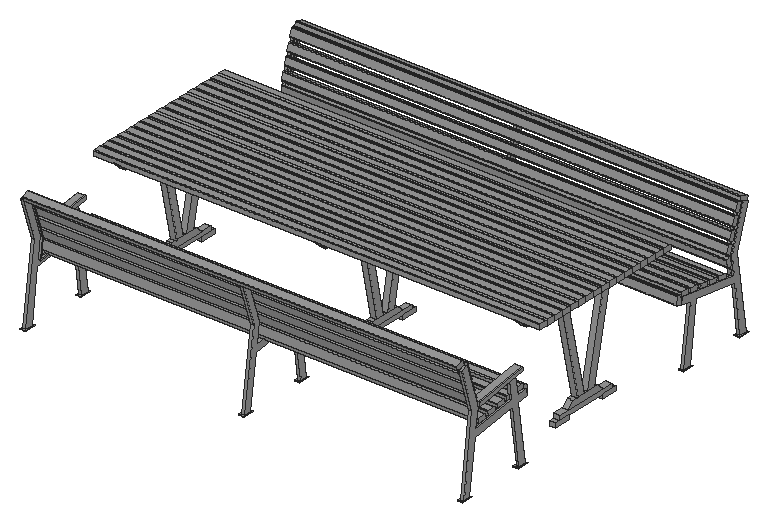
Revit family "6680 Комплект дачной мебели «Модерн» Хоббика", category Антураж, Revit 2018
Family settings
  На основе рабочей плоскости = Нет
  Всегда вертикально = Да
  При загрузке вырезать с полостями = Нет
  Источник визуального образа = Геометрия семейства
  Общий = Нет
  Точка расчета площади = Нет
Parameters (values of type "Версия 3,0 м")
  Ширина стола = 1100 mm  # constant formula
  Ширина скамейки = 600 mm  # constant formula
  Цвет отделки = Дерево
  Цвет опор = Сталь
  Описание = if([Версия 2,0 м], "Комплект дачной мебели «Модерн». Версия 2,0 м", "Комплект дачной мебели «Модерн». Версия 3,0 м")  # "Комплект дачной мебели «Модерн». Версия 3,0 м"
  Материал изделия = "Сталь, дерево"  # constant formula
  Изображение типоразмера = Комплект дачной мебели «Модерн» Арт 6680.jpg
  Изготовитель = "ООО «Хоббика»"  # constant formula
  Длина = if([Версия 2,0 м], 2000 mm, 3000 mm)  # 3000 mm
  Группа модели = "Комплекты садовой мебели"  # constant formula
  Высота стола = 800 mm  # constant formula
  Высота скамейки = 840 mm  # constant formula
  Высота = 0 mm
  Версия 3,0 м = not([Версия 2,0 м])  # yes
  Версия 2,0 м = no
  Артикул товара = "Арт. 6680"  # constant formula
  URL = "https://hobbyka.ru/product/komplekt_dachnoi_mebeli_modern"
Types (3, lengths in mm): name | Описание | Длина | Версия 3,0 м | Версия 2,0 м
  (no name) | "Комплект дачной мебели «Модерн». Версия 3,0 м" | 3000 | yes | no
  Версия 2,0 м | "Комплект дачной мебели «Модерн». Версия 2,0 м" | 2000 | no | yes
  Версия 3,0 м | "Комплект дачной мебели «Модерн». Версия 3,0 м" | 3000 | yes | no
Reference planes
  plane 1 "По центру (Вперед/Назад)": y = 0
  plane 2: z = 0
  plane 3 "По центру (Влево/Вправо)": x = 0
  plane 4: y = 2400
  plane 5: x = 3000
  plane 6: z = 800
Forms (mm)
  Extrusion 1, solid, material "Дерево" <- "Цвет отделки"
    sketch origin (0, 0, 0) x (0, 1, 0) y (0, 0, 1)
      loop
        line (1698.85, 800) -> (1694.2, 795.35) -> (1694.2, 765) -> (1750, 765) -> (1750, 795.35) -> (1745.35, 800) -> (1698.85, 800)
    from 0 to 3000
  Extrusion 2, solid, material "Дерево" <- "Цвет отделки"
    sketch origin (0, -1044.2, 0) x (0, 1, 0) y (0, 0, 1)
      loop
        line (1698.85, 800) -> (1694.2, 795.35) -> (1694.2, 765) -> (1750, 765) -> (1750, 795.35) -> (1745.35, 800) -> (1698.85, 800)
    from 0 to 3000
  Extrusion 3, solid, material "Дерево" <- "Цвет отделки"
    sketch origin (0, -65.263, 0) x (0, 1, 0) y (0, 0, 1)
      loop
        line (1698.85, 800) -> (1694.2, 795.35) -> (1694.2, 765) -> (1750, 765) -> (1750, 795.35) -> (1745.35, 800) -> (1698.85, 800)
    from 0 to 3000
  Extrusion 4, solid, material "Дерево" <- "Цвет отделки"
    sketch origin (0, -130.525, 0) x (0, 1, 0) y (0, 0, 1)
      loop
        line (1698.85, 800) -> (1694.2, 795.35) -> (1694.2, 765) -> (1750, 765) -> (1750, 795.35) -> (1745.35, 800) -> (1698.85, 800)
    from 0 to 3000
  Extrusion 5, solid, material "Дерево" <- "Цвет отделки"
    sketch origin (0, -195.788, 0) x (0, 1, 0) y (0, 0, 1)
      loop
        line (1698.85, 800) -> (1694.2, 795.35) -> (1694.2, 765) -> (1750, 765) -> (1750, 795.35) -> (1745.35, 800) -> (1698.85, 800)
    from 0 to 3000
  Extrusion 6, solid, material "Дерево" <- "Цвет отделки"
    sketch origin (0, -261.05, 0) x (0, 1, 0) y (0, 0, 1)
      loop
        line (1698.85, 800) -> (1694.2, 795.35) -> (1694.2, 765) -> (1750, 765) -> (1750, 795.35) -> (1745.35, 800) -> (1698.85, 800)
    from 0 to 3000
  Extrusion 7, solid, material "Дерево" <- "Цвет отделки"
    sketch origin (0, -326.313, 0) x (0, 1, 0) y (0, 0, 1)
      loop
        line (1698.85, 800) -> (1694.2, 795.35) -> (1694.2, 765) -> (1750, 765) -> (1750, 795.35) -> (1745.35, 800) -> (1698.85, 800)
    from 0 to 3000
  Extrusion 8, solid, material "Дерево" <- "Цвет отделки"
    sketch origin (0, -391.575, 0) x (0, 1, 0) y (0, 0, 1)
      loop
        line (1698.85, 800) -> (1694.2, 795.35) -> (1694.2, 765) -> (1750, 765) -> (1750, 795.35) -> (1745.35, 800) -> (1698.85, 800)
    from 0 to 3000
  Extrusion 9, solid, material "Дерево" <- "Цвет отделки"
    sketch origin (0, -456.838, 0) x (0, 1, 0) y (0, 0, 1)
      loop
        line (1698.85, 800) -> (1694.2, 795.35) -> (1694.2, 765) -> (1750, 765) -> (1750, 795.35) -> (1745.35, 800) -> (1698.85, 800)
    from 0 to 3000
  Extrusion 10, solid, material "Дерево" <- "Цвет отделки"
    sketch origin (0, -522.1, 0) x (0, 1, 0) y (0, 0, 1)
      loop
        line (1698.85, 800) -> (1694.2, 795.35) -> (1694.2, 765) -> (1750, 765) -> (1750, 795.35) -> (1745.35, 800) -> (1698.85, 800)
    from 0 to 3000
  Extrusion 11, solid, material "Дерево" <- "Цвет отделки"
    sketch origin (0, -587.363, 0) x (0, 1, 0) y (0, 0, 1)
      loop
        line (1698.85, 800) -> (1694.2, 795.35) -> (1694.2, 765) -> (1750, 765) -> (1750, 795.35) -> (1745.35, 800) -> (1698.85, 800)
    from 0 to 3000
  Extrusion 12, solid, material "Дерево" <- "Цвет отделки"
    sketch origin (0, -652.625, 0) x (0, 1, 0) y (0, 0, 1)
      loop
        line (1698.85, 800) -> (1694.2, 795.35) -> (1694.2, 765) -> (1750, 765) -> (1750, 795.35) -> (1745.35, 800) -> (1698.85, 800)
    from 0 to 3000
  Extrusion 13, solid, material "Дерево" <- "Цвет отделки"
    sketch origin (0, -717.888, 0) x (0, 1, 0) y (0, 0, 1)
      loop
        line (1698.85, 800) -> (1694.2, 795.35) -> (1694.2, 765) -> (1750, 765) -> (1750, 795.35) -> (1745.35, 800) -> (1698.85, 800)
    from 0 to 3000
  Extrusion 14, solid, material "Дерево" <- "Цвет отделки"
    sketch origin (0, -783.15, 0) x (0, 1, 0) y (0, 0, 1)
      loop
        line (1698.85, 800) -> (1694.2, 795.35) -> (1694.2, 765) -> (1750, 765) -> (1750, 795.35) -> (1745.35, 800) -> (1698.85, 800)
    from 0 to 3000
  Extrusion 15, solid, material "Дерево" <- "Цвет отделки"
    sketch origin (0, -848.413, 0) x (0, 1, 0) y (0, 0, 1)
      loop
        line (1698.85, 800) -> (1694.2, 795.35) -> (1694.2, 765) -> (1750, 765) -> (1750, 795.35) -> (1745.35, 800) -> (1698.85, 800)
    from 0 to 3000
  Extrusion 16, solid, material "Дерево" <- "Цвет отделки"
    sketch origin (0, -913.675, 0) x (0, 1, 0) y (0, 0, 1)
      loop
        line (1698.85, 800) -> (1694.2, 795.35) -> (1694.2, 765) -> (1750, 765) -> (1750, 795.35) -> (1745.35, 800) -> (1698.85, 800)
    from 0 to 3000
  Extrusion 17, solid, material "Дерево" <- "Цвет отделки"
    sketch origin (0, -978.938, 0) x (0, 1, 0) y (0, 0, 1)
      loop
        line (1698.85, 800) -> (1694.2, 795.35) -> (1694.2, 765) -> (1750, 765) -> (1750, 795.35) -> (1745.35, 800) -> (1698.85, 800)
    from 0 to 3000
Lines and regions (mm)
  symbolic lines
    curve 1: line (0, 1750, 765) -> (0, 1750, 1265)
    curve 2: line (0, 650, 765) -> (0, 650, 1285)
Dimensions and locks
  "Длина": plane 3 "По центру (Влево/Вправо)" to plane 5
  plane 4 to plane 1 "По центру (Вперед/Назад)" = 2400 mm
  locked: plane 3 "По центру (Влево/Вправо)" to nested 2 at 150
  locked: nested 3 to plane 5 at 150
  equal spacing: plane 3 "По центру (Влево/Вправо)", nested 4, plane 5
  "Высота стола": plane 6 to level
  aligned and locked: level to plane 2
  aligned and locked: plane 5 to nested 1
  aligned and locked: plane 4 to nested 1
  aligned and locked: Extrusion 1 to plane 3 "По центру (Влево/Вправо)"
  aligned and locked: plane 5 to Extrusion 1
  aligned and locked: plane 5 to Extrusion 3
  aligned and locked: plane 5 to Extrusion 4
  aligned and locked: plane 5 to Extrusion 5
  aligned and locked: plane 5 to Extrusion 6
  aligned and locked: plane 5 to Extrusion 7
  aligned and locked: plane 5 to Extrusion 8
  aligned and locked: plane 5 to Extrusion 9
  aligned and locked: plane 5 to Extrusion 10
  aligned and locked: plane 5 to Extrusion 11
  aligned and locked: plane 5 to Extrusion 12
  aligned and locked: plane 5 to Extrusion 13
  aligned and locked: plane 5 to Extrusion 14
  aligned and locked: plane 5 to Extrusion 15
  aligned and locked: plane 5 to Extrusion 16
  aligned and locked: plane 5 to Extrusion 17
  aligned and locked: plane 5 to Extrusion 2
  aligned and locked: nested 5 to plane 1 "По центру (Вперед/Назад)"
  aligned and locked: nested 5 to plane 5
Automatic sketch dimensions
  Extrusion 1 sketch curve to Extrusion 1 sketch curve = 0 mm
  Extrusion 1 sketch curve to Extrusion 1 sketch curve = 4.65 mm  (x5)
  Extrusion 1 sketch curve to Extrusion 1 sketch curve = 46.5 mm
  Extrusion 1 sketch curve to Extrusion 1 sketch curve = 30.35 mm  (x2)
  curve 2 to plane 6 = 35 mm
  curve 2 to plane 1 "По центру (Вперед/Назад)" = 650 mm
  curve 1 to plane 4 = 650 mm
  curve 1 to plane 6 = 35 mm
  plane 6 to curve 1 = 465 mm
  plane 6 to curve 2 = 485 mm
  Extrusion 2 sketch curve to Extrusion 2 sketch curve = 0 mm
  Extrusion 2 sketch curve to Extrusion 2 sketch curve = 4.65 mm  (x5)
  Extrusion 2 sketch curve to Extrusion 2 sketch curve = 46.5 mm
  Extrusion 2 sketch curve to Extrusion 2 sketch curve = 30.35 mm  (x2)
  Extrusion 3 sketch curve to Extrusion 3 sketch curve = 0 mm
  Extrusion 3 sketch curve to Extrusion 3 sketch curve = 4.65 mm  (x5)
  Extrusion 3 sketch curve to Extrusion 3 sketch curve = 46.5 mm
  Extrusion 3 sketch curve to Extrusion 3 sketch curve = 30.35 mm  (x2)
  Extrusion 4 sketch curve to Extrusion 4 sketch curve = 0 mm
  Extrusion 4 sketch curve to Extrusion 4 sketch curve = 4.65 mm  (x5)
  Extrusion 4 sketch curve to Extrusion 4 sketch curve = 46.5 mm
  Extrusion 4 sketch curve to Extrusion 4 sketch curve = 30.35 mm  (x2)
  Extrusion 5 sketch curve to Extrusion 5 sketch curve = 0 mm
  Extrusion 5 sketch curve to Extrusion 5 sketch curve = 4.65 mm  (x5)
  Extrusion 5 sketch curve to Extrusion 5 sketch curve = 46.5 mm
  Extrusion 5 sketch curve to Extrusion 5 sketch curve = 30.35 mm  (x2)
  Extrusion 6 sketch curve to Extrusion 6 sketch curve = 0 mm
  Extrusion 6 sketch curve to Extrusion 6 sketch curve = 4.65 mm  (x5)
  Extrusion 6 sketch curve to Extrusion 6 sketch curve = 46.5 mm
  Extrusion 6 sketch curve to Extrusion 6 sketch curve = 30.35 mm  (x2)
  Extrusion 7 sketch curve to Extrusion 7 sketch curve = 0 mm
  Extrusion 7 sketch curve to Extrusion 7 sketch curve = 4.65 mm  (x5)
  Extrusion 7 sketch curve to Extrusion 7 sketch curve = 46.5 mm
  Extrusion 7 sketch curve to Extrusion 7 sketch curve = 30.35 mm  (x2)
  Extrusion 8 sketch curve to Extrusion 8 sketch curve = 0 mm
  Extrusion 8 sketch curve to Extrusion 8 sketch curve = 4.65 mm  (x5)
  Extrusion 8 sketch curve to Extrusion 8 sketch curve = 46.5 mm
  Extrusion 8 sketch curve to Extrusion 8 sketch curve = 30.35 mm  (x2)
  Extrusion 9 sketch curve to Extrusion 9 sketch curve = 0 mm
  Extrusion 9 sketch curve to Extrusion 9 sketch curve = 4.65 mm  (x5)
  Extrusion 9 sketch curve to Extrusion 9 sketch curve = 46.5 mm
  Extrusion 9 sketch curve to Extrusion 9 sketch curve = 30.35 mm  (x2)
  Extrusion 10 sketch curve to Extrusion 10 sketch curve = 0 mm
  Extrusion 10 sketch curve to Extrusion 10 sketch curve = 4.65 mm  (x5)
  Extrusion 10 sketch curve to Extrusion 10 sketch curve = 46.5 mm
  Extrusion 10 sketch curve to Extrusion 10 sketch curve = 30.35 mm  (x2)
  Extrusion 11 sketch curve to Extrusion 11 sketch curve = 0 mm
  Extrusion 11 sketch curve to Extrusion 11 sketch curve = 4.65 mm  (x5)
  Extrusion 11 sketch curve to Extrusion 11 sketch curve = 46.5 mm
  Extrusion 11 sketch curve to Extrusion 11 sketch curve = 30.35 mm  (x2)
  Extrusion 12 sketch curve to Extrusion 12 sketch curve = 0 mm
  Extrusion 12 sketch curve to Extrusion 12 sketch curve = 4.65 mm  (x5)
  Extrusion 12 sketch curve to Extrusion 12 sketch curve = 46.5 mm
  Extrusion 12 sketch curve to Extrusion 12 sketch curve = 30.35 mm  (x2)
  Extrusion 13 sketch curve to Extrusion 13 sketch curve = 0 mm
  Extrusion 13 sketch curve to Extrusion 13 sketch curve = 4.65 mm  (x5)
  Extrusion 13 sketch curve to Extrusion 13 sketch curve = 46.5 mm
  Extrusion 13 sketch curve to Extrusion 13 sketch curve = 30.35 mm  (x2)
  Extrusion 14 sketch curve to Extrusion 14 sketch curve = 0 mm
  Extrusion 14 sketch curve to Extrusion 14 sketch curve = 4.65 mm  (x5)
  Extrusion 14 sketch curve to Extrusion 14 sketch curve = 46.5 mm
  Extrusion 14 sketch curve to Extrusion 14 sketch curve = 30.35 mm  (x2)
  Extrusion 15 sketch curve to Extrusion 15 sketch curve = 0 mm
  Extrusion 15 sketch curve to Extrusion 15 sketch curve = 4.65 mm  (x5)
  Extrusion 15 sketch curve to Extrusion 15 sketch curve = 46.5 mm
  Extrusion 15 sketch curve to Extrusion 15 sketch curve = 30.35 mm  (x2)
  Extrusion 16 sketch curve to Extrusion 16 sketch curve = 0 mm
  Extrusion 16 sketch curve to Extrusion 16 sketch curve = 4.65 mm  (x5)
  Extrusion 16 sketch curve to Extrusion 16 sketch curve = 46.5 mm
  Extrusion 16 sketch curve to Extrusion 16 sketch curve = 30.35 mm  (x2)
  Extrusion 17 sketch curve to Extrusion 17 sketch curve = 0 mm
  Extrusion 17 sketch curve to Extrusion 17 sketch curve = 4.65 mm  (x5)
  Extrusion 17 sketch curve to Extrusion 17 sketch curve = 46.5 mm
  Extrusion 17 sketch curve to Extrusion 17 sketch curve = 30.35 mm  (x2)
  Extrusion 1 sketch curve to plane 6 = 35 mm
  Extrusion 1 sketch curve to plane 4 = 705.8 mm
  Extrusion 2 sketch curve to plane 6 = 35 mm
  Extrusion 2 sketch curve to plane 1 "По центру (Вперед/Назад)" = 650 mm
  Extrusion 3 sketch curve to plane 6 = 35 mm
  Extrusion 3 sketch curve to plane 4 = 771.063 mm
  Extrusion 4 sketch curve to plane 6 = 35 mm
  Extrusion 4 sketch curve to plane 4 = 836.325 mm
  Extrusion 5 sketch curve to plane 6 = 35 mm
  Extrusion 5 sketch curve to plane 4 = 901.588 mm
  Extrusion 6 sketch curve to plane 6 = 35 mm
  Extrusion 6 sketch curve to plane 4 = 966.85 mm
  Extrusion 7 sketch curve to plane 6 = 35 mm
  Extrusion 7 sketch curve to plane 4 = 1032.113 mm
  Extrusion 8 sketch curve to plane 6 = 35 mm
  Extrusion 8 sketch curve to plane 4 = 1097.375 mm
  Extrusion 9 sketch curve to plane 6 = 35 mm
  Extrusion 9 sketch curve to plane 4 = 1162.638 mm
  Extrusion 10 sketch curve to plane 6 = 35 mm
  Extrusion 10 sketch curve to plane 1 "По центру (Вперед/Назад)" = 1172.1 mm
  Extrusion 11 sketch curve to plane 6 = 35 mm
  Extrusion 11 sketch curve to plane 1 "По центру (Вперед/Назад)" = 1106.837 mm
  Extrusion 12 sketch curve to plane 6 = 35 mm
  Extrusion 12 sketch curve to plane 1 "По центру (Вперед/Назад)" = 1041.575 mm
  Extrusion 13 sketch curve to plane 6 = 35 mm
  Extrusion 13 sketch curve to plane 1 "По центру (Вперед/Назад)" = 976.312 mm
  Extrusion 14 sketch curve to plane 6 = 35 mm
  Extrusion 14 sketch curve to plane 1 "По центру (Вперед/Назад)" = 911.05 mm
  Extrusion 15 sketch curve to plane 6 = 35 mm
  Extrusion 15 sketch curve to plane 1 "По центру (Вперед/Назад)" = 845.787 mm
  Extrusion 16 sketch curve to plane 6 = 35 mm
  Extrusion 16 sketch curve to plane 1 "По центру (Вперед/Назад)" = 780.525 mm
  Extrusion 17 sketch curve to plane 6 = 35 mm
  Extrusion 17 sketch curve to plane 1 "По центру (Вперед/Назад)" = 715.262 mm
Nested families
  nested 1: "Комплект дачной мебели «Модерн» лавка без подлокотников" at (0, 1800, 0), type "Лавка"
    with Длина 3000 mm
  nested 2: "Стол модерн опора 1100 мм" at (150, 650, 0), type "Стол модерн опора 1100 мм"
  nested 3: "Стол модерн опора 1100 мм" at (2850, 650, 0), type "Стол модерн опора 1100 мм"
  nested 4: "Стол модерн опора 1100 мм" at (1500, 650, 0), type "Стол модерн опора 1100 мм"
  nested 5: "Комплект дачной мебели «Модерн» лавка с подлокотниками" at (3000, 603.908, 0) x (-1, 0, 0) z (0, 0, 1), type "Комплект дачной мебели «Модерн» лавка с подлокотниками"
    with Длина досок 2924 mm, Длина 3000 mm
Definition of nested family "Комплект дачной мебели «Модерн» лавка без подлокотников"
  Parameters (values of type "Лавка")
    Ширина = 600 mm  # constant formula
    Цвет сидения = none
    Цвет каркаса = none
    Description = ""
    Материал изделия = ""
    Type Image = (empty or 0)
    Manufacturer = ""
    Длина = 2000 mm
    Model = ""
    Height = 840 mm  # constant formula
    Артикул товара = ""
    URL = ""
  Reference planes
    plane 1 "По центру (Вперед/Назад)": y = 0
    plane 2: z = 0
    plane 3 "По центру (Влево/Вправо)": x = 0
    plane 4: x = 2000
    plane 5: y = 600
    plane 6: z = 840
  Dimensions and locks
    "Ширина": plane 5 to plane 1 "По центру (Вперед/Назад)"
    "Длина": plane 3 "По центру (Влево/Вправо)" to plane 4
    "Height": plane 6 to level
    equal spacing: plane 3 "По центру (Влево/Вправо)", nested 15, plane 4
    plane 6 to level = 840 mm
    aligned and locked: level to plane 2
    aligned and locked: nested 16 to nested 15
    aligned and locked: plane 4 to nested 2
    aligned and locked: plane 3 "По центру (Влево/Вправо)" to nested 7
    aligned and locked: nested 9 to nested 10
    aligned and locked: nested 8 to nested 10
    aligned and locked: nested 6 to nested 10
    aligned and locked: nested 5 to nested 10
    aligned and locked: nested 4 to nested 10
    aligned and locked: nested 11 to nested 7
    aligned and locked: nested 12 to nested 7
    aligned and locked: nested 13 to nested 7
    aligned and locked: nested 14 to nested 7
  Nested families
    nested 1: "Скамейка стальная «Модерн» опора без ручки" at (0, 40, 0), type "Скамейка стальная «Модерн» опора без ручки"
    nested 2: "Скамейка стальная «Модерн» опора без ручки" at (2000, 40, 0) x (-1, 0, 0) z (0, 0, 1), type "Скамейка стальная «Модерн» опора без ручки"
    nested 3: "Скамейка стальная «Модерн» доска" at (0, 37.295, 425.8) x (1, 0, 0) z (0, -0.9903, 0.1392), type "Скамейка стальная «Модерн» доска"
      with Длина доски 2000 mm
    nested 4: "Скамейка стальная «Модерн» доска" at (0, 384.531, 396.624) x (1, 0, 0) z (0, 0.1392, 0.9903), type "Скамейка стальная «Модерн» доска"
      with Длина доски 2000 mm
    nested 5: "Скамейка стальная «Модерн» доска" at (0, 457.027, 472.995) x (1, 0, 0) z (0, -0.9903, -0.1392), type "Скамейка стальная «Модерн» доска"
      with Длина доски 2000 mm
    nested 6: "Скамейка стальная «Модерн» доска" at (0, 459.462, 543.548) x (1, 0, 0) z (0, -0.9511, 0.309), type "Скамейка стальная «Модерн» доска"
      with Длина доски 2000 mm
    nested 7: "Скамейка стальная «Модерн» доска" at (0, 565.189, 795.707) x (1, 0, 0) z (0, 0.309, 0.9511), type "Скамейка стальная «Модерн» доска"
      with Длина доски 2000 mm
    nested 8: "Скамейка стальная «Модерн» доска" at (0, 484.184, 619.632) x (1, 0, 0) z (0, -0.9511, 0.309), type "Скамейка стальная «Модерн» доска"
      with Длина доски 2000 mm
    nested 9: "Скамейка стальная «Модерн» доска" at (0, 508.906, 695.717) x (1, 0, 0) z (0, -0.9511, 0.309), type "Скамейка стальная «Модерн» доска"
      with Длина доски 2000 mm
    nested 10: "Скамейка стальная «Модерн» доска" at (0, 533.627, 771.801) x (1, 0, 0) z (0, -0.9511, 0.309), type "Скамейка стальная «Модерн» доска"
      with Длина доски 2000 mm
    nested 11: "Скамейка стальная «Модерн» доска" at (0, 305.31, 407.758) x (1, 0, 0) z (0, 0.1392, 0.9903), type "Скамейка стальная «Модерн» доска"
      with Длина доски 2000 mm
    nested 12: "Скамейка стальная «Модерн» доска" at (0, 226.088, 418.892) x (1, 0, 0) z (0, 0.1392, 0.9903), type "Скамейка стальная «Модерн» доска"
      with Длина доски 2000 mm
    nested 13: "Скамейка стальная «Модерн» доска" at (0, 146.867, 430.026) x (1, 0, 0) z (0, 0.1392, 0.9903), type "Скамейка стальная «Модерн» доска"
      with Длина доски 2000 mm
    nested 14: "Скамейка стальная «Модерн» доска" at (0, 67.645, 441.161) x (1, 0, 0) z (0, 0.1392, 0.9903), type "Скамейка стальная «Модерн» доска"
      with Длина доски 2000 mm
    nested 15: "Скамейка стальная «Модерн» опора центральная" at (1000, 40, 0), type "Скамейка стальная «Модерн» опора центральная", not visible
    nested 16: "Скамейка стальная «Модерн» опора центральная" at (1000, 40, 0), type "Скамейка стальная «Модерн» опора центральная"
  Definition of nested family "Скамейка стальная «Модерн» опора без ручки"
    Parameters (values of type "Скамейка стальная «Модерн» опора без ручки")
      Цвет каркаса = none
      Height = 0 mm
    Reference planes
      plane 1 "По центру (Вперед/Назад)": y = 0
      plane 2: z = 0
      plane 3 "По центру (Влево/Вправо)": x = 0
    Forms (mm)
      Extrusion 1, solid, material <- "Цвет каркаса"
        sketch origin (0, 0, 0) x (0, 1, 0) y (0, 0, 1)
          loop
            line (13.235, 3) -> (58.678, 3) -> (112.2, 383.834) -> (435.953, 338.333) -> (483.081, 3) -> (528.523, 3) -> (456.849, 512.988) -> (546.464, 788.794) -> (503.666, 802.7) -> (410.841, 517.013) -> (429.438, 384.691) -> (0, 445.045) -> (-6.263, 400.483) -> (67.638, 390.096) -> (13.235, 3)
        from -10 to 10
      Extrusion 2, solid, material <- "Цвет каркаса"
        sketch origin (-308, 0, 0) x (1, 0, 0) y (0, 1, 0)
          loop
            line (326, 467.409) -> (326, 542.909) -> (290, 542.909) -> (290, 467.409) -> (326, 467.409)
          loop
            line (326, 75.5) -> (290, 75.5) -> (290, 0) -> (326, 0) -> (326, 75.5)
        from 0 to 3
      Extrusion 3, solid, material <- "Цвет каркаса"
        sketch origin (0, 0, 0) x (0, 1, 0) y (0, 0, 1)
          loop
            line (410.841, 517.013) -> (429.438, 384.691) -> (0, 445.045) -> (-6.263, 400.483) -> (-4.282, 400.204) -> (1.702, 442.786) -> (431.787, 382.341) -> (412.886, 516.834) -> (504.95, 800.18) -> (545.846, 786.892) -> (546.464, 788.794) -> (503.666, 802.7) -> (410.841, 517.013)
        from 10 to 30
    Dimensions and locks
      aligned and locked: level to plane 2
      aligned and locked: Extrusion 3 to Extrusion 1
  Definition of nested family "Скамейка стальная «Модерн» доска"
    Parameters (values of type "Скамейка стальная «Модерн» доска")
      Цвет сидения = none
      Default Elevation = 1219.2 mm
      Длина доски = 1300 mm
      Height = 0 mm
    Types (2): name
      Скамейка стальная «Модерн» доска
      Скамейка стальная «Модерн» доска поручень
    Reference planes
      plane 1 "По центру (Вперед/Назад)": y = 0
      plane 2: z = 0
      plane 3 "По центру (Влево/Вправо)": x = 0
      plane 4: x = 1300
    Forms (mm)
      Extrusion 1, solid, material <- "Цвет сидения"
        sketch origin (0, 336.473, -339.298) x (0, 0.987836, 0.155497) y (0, -0.155497, 0.987836)
          loop
            line (-307.181, 391.83) -> (-252.06, 383.153) -> (-248.445, 406.118) -> (-252.315, 411.435) -> (-298.25, 418.666) -> (-303.566, 414.795) -> (-307.181, 391.83)
        from 0 to 1300
    Dimensions and locks
      "Длина доски": plane 3 "По центру (Влево/Вправо)" to plane 4
      aligned and locked: level to plane 2
      aligned and locked: Extrusion 1 to plane 3 "По центру (Влево/Вправо)"
      aligned and locked: plane 4 to Extrusion 1
    Automatic sketch dimensions
      Extrusion 1 sketch curve to level = 0 mm  (x2)
      plane 1 "По центру (Вперед/Назад)" to Extrusion 1 sketch curve = 27.9 mm
      Extrusion 1 sketch curve to Extrusion 1 sketch curve = 3.615 mm
      Extrusion 1 sketch curve to Extrusion 1 sketch curve = 5.317 mm  (x2)
      Extrusion 1 sketch curve to Extrusion 1 sketch curve = 45.934 mm
      Extrusion 1 sketch curve to Extrusion 1 sketch curve = 0.255 mm
      Extrusion 1 sketch curve to Extrusion 1 sketch curve = 3.87 mm  (x2)
      Extrusion 1 sketch curve to Extrusion 1 sketch curve = 22.965 mm  (x2)
  Definition of nested family "Скамейка стальная «Модерн» опора центральная"
    Parameters (values of type "Скамейка стальная «Модерн» опора центральная")
      Цвет каркаса = none
      Height = 0 mm
    Reference planes
      plane 1 "По центру (Вперед/Назад)": y = 0
      plane 2: z = 0
      plane 3 "По центру (Влево/Вправо)": x = 0
    Forms (mm)
      Extrusion 1, solid, material <- "Цвет каркаса"
        sketch origin (0, 0, 0) x (0, 1, 0) y (0, 0, 1)
          loop
            line (13.235, 3) -> (58.678, 3) -> (112.2, 383.834) -> (435.953, 338.333) -> (483.081, 3) -> (528.523, 3) -> (456.849, 512.988) -> (546.464, 788.794) -> (503.666, 802.7) -> (410.841, 517.013) -> (429.438, 384.691) -> (0, 445.045) -> (-6.263, 400.483) -> (67.638, 390.096) -> (13.235, 3)
        from -10 to 10
      Extrusion 2, solid, material <- "Цвет каркаса"
        sketch origin (-308, 0, 0) x (1, 0, 0) y (0, 1, 0)
          loop
            line (326, 467.409) -> (326, 542.909) -> (290, 542.909) -> (290, 467.409) -> (326, 467.409)
          loop
            line (326, 75.5) -> (290, 75.5) -> (290, 0) -> (326, 0) -> (326, 75.5)
        from 0 to 3
    Dimensions and locks
      aligned and locked: level to plane 2
Definition of nested family "Стол модерн опора 1100 мм"
  Parameters (values of type "Стол модерн опора 1100 мм")
    Цвет опор = none
    Height = 0 mm
  Reference planes
    plane 1 "По центру (Вперед/Назад)": y = 0
    plane 2: z = 0
    plane 3 "По центру (Влево/Вправо)": x = 0
    plane 4: y = 1100
    plane 5: z = 800
  Forms (mm)
    Extrusion 1, solid, material <- "Цвет опор"
      sketch origin (0, 160, 0) x (0, 1, 0) y (0, 0, 1)
        loop
          line (940, 765) -> (-160, 765) -> (-110, 715) -> (890, 715) -> (940, 765)
        loop
          line (198.789, 665) -> (318.883, 100) -> (370, 100) -> (249.906, 665) -> (198.789, 665)
        loop
          line (581.211, 665) -> (530.094, 665) -> (410, 100) -> (461.117, 100) -> (581.211, 665)
        loop
          line (610, 60) -> (170, 60) -> (170, 30) -> (610, 30) -> (610, 60)
      from -20 to 20
    Extrusion 2, solid, material <- "Цвет опор"
      sketch origin (0, 160, 0) x (0, 1, 0) y (0, 0, 1)
        loop
          line (680, 715) -> (100, 715) -> (150, 665) -> (630, 665) -> (680, 715)
        loop
          line (535, 60) -> (495, 100) -> (285, 100) -> (245, 60) -> (535, 60)
        loop
          line (535, 30) -> (535, 0) -> (645, 0) -> (645, 30) -> (535, 30)
        loop
          line (245, 30) -> (135, 30) -> (135, 0) -> (245, 0) -> (245, 30)
      from 20 to -20
  Dimensions and locks
    plane 5 to level = 800 mm
    plane 4 to plane 1 "По центру (Вперед/Назад)" = 1100 mm
    aligned and locked: level to plane 2
Definition of nested family "Комплект дачной мебели «Модерн» лавка с подлокотниками"
  Parameters (values of type "Комплект дачной мебели «Модерн» лавка с подлокотниками")
    Ширина = 600 mm  # constant formula
    Цвет сидения = none
    Цвет каркаса = none
    Description = ""
    Материал изделия = ""
    Type Image = (empty or 0)
    Manufacturer = ""
    Длина досок = Длина - (38 mm * 2)  # 624 mm
    Длина = 700 mm
    Model = ""
    Height = 840 mm  # constant formula
    Артикул товара = ""
    URL = ""
  Reference planes
    plane 1 "По центру (Вперед/Назад)": y = 0
    plane 2: z = 0
    plane 3 "По центру (Влево/Вправо)": x = 0
    plane 4: x = 700
    plane 5: y = 600
    plane 6: z = 840
  Dimensions and locks
    "Ширина": plane 5 to plane 1 "По центру (Вперед/Назад)"
    "Длина": plane 3 "По центру (Влево/Вправо)" to plane 4
    "Height": plane 6 to level
    locked: plane 3 "По центру (Влево/Вправо)" to nested 1 at 27.9
    locked: plane 3 "По центру (Влево/Вправо)" to nested 2 at 27.9
    locked: nested 3 to plane 4 at 27.9
    locked: nested 4 to plane 4 at 27.9
    equal spacing: plane 3 "По центру (Влево/Вправо)", nested 17, plane 4
    plane 6 to level = 840 mm
    aligned and locked: level to plane 2
    aligned and locked: nested 1 to nested 9
    aligned and locked: nested 1 to nested 12
    aligned and locked: nested 1 to nested 11
    aligned and locked: nested 1 to nested 10
    aligned and locked: nested 1 to nested 8
    aligned and locked: nested 7 to nested 8
    aligned and locked: nested 6 to nested 8
    aligned and locked: nested 5 to nested 8
    aligned and locked: nested 6 to nested 7
    aligned and locked: nested 13 to nested 7
    aligned and locked: nested 14 to nested 7
    aligned and locked: nested 15 to nested 7
    aligned and locked: nested 16 to nested 7
    aligned and locked: nested 5 to nested 7
    aligned and locked: nested 18 to nested 17
  Nested families
    nested 1: "Скамейка стальная «Модерн» опора" at (27.9, 45, 0), type "Скамейка стальная «Модерн» опора"
    nested 2: "Скамейка стальная «Модерн» доска" at (27.9, 458.962, 526.62) x (0, -0.9903, 0.1392) z (0, 0.1392, 0.9903), type "Скамейка стальная «Модерн» доска поручень"
      with Длина доски 370 mm
    nested 3: "Скамейка стальная «Модерн» опора" at (672.1, 45, 0) x (-1, 0, 0) z (0, 0, 1), type "Скамейка стальная «Модерн» опора"
    nested 4: "Скамейка стальная «Модерн» доска" at (672.1, 458.962, 526.62) x (0, -0.9903, 0.1392) z (0, 0.1392, 0.9903), type "Скамейка стальная «Модерн» доска поручень"
      with Длина доски 370 mm
    nested 5: "Скамейка стальная «Модерн» доска" at (37.9, 42.295, 425.8) x (1, 0, 0) z (0, -0.9903, 0.1392), type "Скамейка стальная «Модерн» доска"
      with Длина доски 624 mm
    nested 6: "Скамейка стальная «Модерн» доска" at (37.9, 389.531, 396.624) x (1, 0, 0) z (0, 0.1392, 0.9903), type "Скамейка стальная «Модерн» доска"
      with Длина доски 624 mm
    nested 7: "Скамейка стальная «Модерн» доска" at (37.9, 462.027, 472.995) x (1, 0, 0) z (0, -0.9903, -0.1392), type "Скамейка стальная «Модерн» доска"
      with Длина доски 624 mm
    nested 8: "Скамейка стальная «Модерн» доска" at (37.9, 464.462, 543.548) x (1, 0, 0) z (0, -0.9511, 0.309), type "Скамейка стальная «Модерн» доска"
      with Длина доски 624 mm
    nested 9: "Скамейка стальная «Модерн» доска" at (37.9, 570.189, 795.707) x (1, 0, 0) z (0, 0.309, 0.9511), type "Скамейка стальная «Модерн» доска"
      with Длина доски 624 mm
    nested 10: "Скамейка стальная «Модерн» доска" at (37.9, 489.184, 619.632) x (1, 0, 0) z (0, -0.9511, 0.309), type "Скамейка стальная «Модерн» доска"
      with Длина доски 624 mm
    nested 11: "Скамейка стальная «Модерн» доска" at (37.9, 513.906, 695.717) x (1, 0, 0) z (0, -0.9511, 0.309), type "Скамейка стальная «Модерн» доска"
      with Длина доски 624 mm
    nested 12: "Скамейка стальная «Модерн» доска" at (37.9, 538.627, 771.801) x (1, 0, 0) z (0, -0.9511, 0.309), type "Скамейка стальная «Модерн» доска"
      with Длина доски 624 mm
    nested 13: "Скамейка стальная «Модерн» доска" at (37.9, 310.31, 407.758) x (1, 0, 0) z (0, 0.1392, 0.9903), type "Скамейка стальная «Модерн» доска"
      with Длина доски 624 mm
    nested 14: "Скамейка стальная «Модерн» доска" at (37.9, 231.088, 418.892) x (1, 0, 0) z (0, 0.1392, 0.9903), type "Скамейка стальная «Модерн» доска"
      with Длина доски 624 mm
    nested 15: "Скамейка стальная «Модерн» доска" at (37.9, 151.867, 430.026) x (1, 0, 0) z (0, 0.1392, 0.9903), type "Скамейка стальная «Модерн» доска"
      with Длина доски 624 mm
    nested 16: "Скамейка стальная «Модерн» доска" at (37.9, 72.645, 441.161) x (1, 0, 0) z (0, 0.1392, 0.9903), type "Скамейка стальная «Модерн» доска"
      with Длина доски 624 mm
    nested 17: "Скамейка стальная «Модерн» опора центральная" at (350, 45, 0), type "Скамейка стальная «Модерн» опора центральная", not visible
    nested 18: "Скамейка стальная «Модерн» опора центральная" at (350, 45, 0), type "Скамейка стальная «Модерн» опора центральная"
  Definition of nested family "Скамейка стальная «Модерн» опора"
    Parameters (values of type "Скамейка стальная «Модерн» опора")
      Цвет каркаса = none
      Height = 0 mm
    Reference planes
      plane 1 "По центру (Вперед/Назад)": y = 0
      plane 2: z = 0
      plane 3 "По центру (Влево/Вправо)": x = 0
    Forms (mm)
      Extrusion 1, solid, material <- "Цвет каркаса"
        sketch origin (0, 0, 0) x (0, 1, 0) y (0, 0, 1)
          loop
            line (13.235, 3) -> (58.678, 3) -> (112.2, 383.834) -> (435.953, 338.333) -> (483.081, 3) -> (528.523, 3) -> (456.849, 512.988) -> (546.464, 788.794) -> (503.666, 802.7) -> (410.841, 517.013) -> (429.438, 384.691) -> (118.463, 428.396) -> (137.724, 565.443) -> (93.162, 571.706) -> (73.901, 434.659) -> (0, 445.045) -> (-6.263, 400.483) -> (67.638, 390.096) -> (13.235, 3)
        from -10 to 10
      Extrusion 2, solid, material <- "Цвет каркаса"
        sketch origin (-308, 0, 0) x (1, 0, 0) y (0, 1, 0)
          loop
            line (326, 467.409) -> (326, 542.909) -> (290, 542.909) -> (290, 467.409) -> (326, 467.409)
          loop
            line (326, 75.5) -> (290, 75.5) -> (290, 0) -> (326, 0) -> (326, 75.5)
        from 0 to 3
      Extrusion 3, solid, material <- "Цвет каркаса"
        sketch origin (0, 0, 0) x (0, 1, 0) y (0, 0, 1)
          loop
            line (410.841, 517.013) -> (429.438, 384.691) -> (0, 445.045) -> (-6.263, 400.483) -> (-4.282, 400.204) -> (1.702, 442.786) -> (431.787, 382.341) -> (412.886, 516.834) -> (504.95, 800.18) -> (545.846, 786.892) -> (546.464, 788.794) -> (503.666, 802.7) -> (410.841, 517.013)
        from 10 to 30
    Dimensions and locks
      aligned and locked: level to plane 2
      aligned and locked: Extrusion 3 to Extrusion 1
  Definition of nested family "Скамейка стальная «Модерн» доска"
    Parameters (values of type "Скамейка стальная «Модерн» доска")
      Цвет сидения = none
      Default Elevation = 1219.2 mm
      Длина доски = 1300 mm
      Height = 0 mm
    Types (2): name
      Скамейка стальная «Модерн» доска
      Скамейка стальная «Модерн» доска поручень
    Reference planes
      plane 1 "По центру (Вперед/Назад)": y = 0
      plane 2: z = 0
      plane 3 "По центру (Влево/Вправо)": x = 0
      plane 4: x = 1300
    Forms (mm)
      Extrusion 1, solid, material <- "Цвет сидения"
        sketch origin (0, 336.473, -339.298) x (0, 0.987836, 0.155497) y (0, -0.155497, 0.987836)
          loop
            line (-307.181, 391.83) -> (-252.06, 383.153) -> (-248.445, 406.118) -> (-252.315, 411.435) -> (-298.25, 418.666) -> (-303.566, 414.795) -> (-307.181, 391.83)
        from 0 to 1300
    Dimensions and locks
      "Длина доски": plane 3 "По центру (Влево/Вправо)" to plane 4
      aligned and locked: level to plane 2
      aligned and locked: Extrusion 1 to plane 3 "По центру (Влево/Вправо)"
      aligned and locked: plane 4 to Extrusion 1
    Automatic sketch dimensions
      Extrusion 1 sketch curve to level = 0 mm  (x2)
      plane 1 "По центру (Вперед/Назад)" to Extrusion 1 sketch curve = 27.9 mm
      Extrusion 1 sketch curve to Extrusion 1 sketch curve = 3.615 mm
      Extrusion 1 sketch curve to Extrusion 1 sketch curve = 5.317 mm  (x2)
      Extrusion 1 sketch curve to Extrusion 1 sketch curve = 45.934 mm
      Extrusion 1 sketch curve to Extrusion 1 sketch curve = 0.255 mm
      Extrusion 1 sketch curve to Extrusion 1 sketch curve = 3.87 mm  (x2)
      Extrusion 1 sketch curve to Extrusion 1 sketch curve = 22.965 mm  (x2)
  Definition of nested family "Скамейка стальная «Модерн» опора центральная"
    Parameters (values of type "Скамейка стальная «Модерн» опора центральная")
      Цвет каркаса = none
      Height = 0 mm
    Reference planes
      plane 1 "По центру (Вперед/Назад)": y = 0
      plane 2: z = 0
      plane 3 "По центру (Влево/Вправо)": x = 0
    Forms (mm)
      Extrusion 1, solid, material <- "Цвет каркаса"
        sketch origin (0, 0, 0) x (0, 1, 0) y (0, 0, 1)
          loop
            line (13.235, 3) -> (58.678, 3) -> (112.2, 383.834) -> (435.953, 338.333) -> (483.081, 3) -> (528.523, 3) -> (456.849, 512.988) -> (546.464, 788.794) -> (503.666, 802.7) -> (410.841, 517.013) -> (429.438, 384.691) -> (0, 445.045) -> (-6.263, 400.483) -> (67.638, 390.096) -> (13.235, 3)
        from -10 to 10
      Extrusion 2, solid, material <- "Цвет каркаса"
        sketch origin (-308, 0, 0) x (1, 0, 0) y (0, 1, 0)
          loop
            line (326, 467.409) -> (326, 542.909) -> (290, 542.909) -> (290, 467.409) -> (326, 467.409)
          loop
            line (326, 75.5) -> (290, 75.5) -> (290, 0) -> (326, 0) -> (326, 75.5)
        from 0 to 3
    Dimensions and locks
      aligned and locked: level to plane 2
